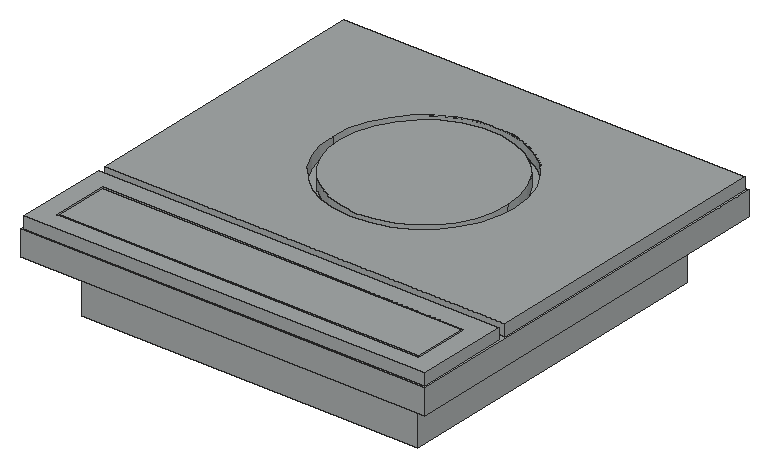
Revit family "Gira_5531926", category Electrical Fixtures, host Face, Revit 2017
Family settings
  Host = Face
  Maintain Annotation Orientation = Yes
  Round Connector Dimension = Use Diameter
  Part Type = Normal
  Cut with Voids When Loaded = No
  Shared = No
  Room Calculation Point = No
Parameters (values of type "Call-btn mod.1-g System 106 alum.")
  Width = "0.1065"
  URL = "http://katalog.gira.de/en/datenblatt.html?artikelnr=5531926"
  Number of bell buttons = "1"
  Name = "Call-btn mod.1-g System 106 alum."
  Model = "Sys106_Abdeckung_Schalten und Tasten"
  Manufacturer URL = "https://www.gira.de/"
  Manufacturer = "Gira"
  Installation technique = "Bus system"
  HeinzeBIM = "https://bimportal.heinze.de/bim/call-btn-mod-1-g-system-106-alum-/0389be06c95a978d106ee15528fb6dc483ad1213"
  Height = "0.1065"
  HAN = "5531926"
  GTIN = "4010337022619"
  Edelstahl [instance] = Edelstahl
  Description = "C.btn mod.1g S106 AL,System 106 call-button module,1-gang,Aluminium,The Gira System 106 is an installation system made of metal in a puristic and elegant frameless design, based on basic measurements of 106.5 × 106.5 mm. With the modular door intercom in Gira System 106, hospitality begins even before you reach the front door. All the functions are presented in a harmonious overall appearance, from the call button module, intercom module, and camera module, up to the info and blank module. In the dark, backlit call buttons with inscription space ensure good legibility and an attractive appearance.,,Individually adaptable modular system, The System 106 can be used in family homes or apartment buildings, as well as in office buildings, industrial properties, and hotels. The modular design enables the system's size, design, and functionality to be individually adapted to the respective requirements. Expansions and changes are possible at any time by easily exchanging the modules.,With this system, it is also possible to exchange the fronts only. This means that the appearance of the system can be changed from e.g. traffic white to a stainless steel surface at a later stage, without having to exchange the electronic units.,,High-quality materials,The modules are frameless with design fronts made of genuine materials, available in two brushed stainless steel versions (V2A and V4A), anodised aluminium C-0, and a metal alloy lacquered in traffic white (RAL 9016): all robust materials which ensure durability. The camera and DIN 18040 display module feature a black glass cover.,,Easy and phased installation,The system can be installed in phases, in parallel to the progress of building work. In this way, it is possible to initially install only the lower part of a surface-mounted housing during construction of the shell; cables and modules can then be added when they are needed.,,Individual inscription options,Call button modules and info modules can be labelled individually via the Gira inscription service.,,Features:,- Easy-to-use, vandal-proof, and scratch-resistant call buttons.,- Function changes, e.g. from 2-gang to 4-gang, can be easily realised by replacing the buttons.,- Various inscription options possible.,,Notes :,- Professional labelling with the Gira Inscription Service www.marking.gira.com."
  Default Elevation = 1219.2 mm
  Data sheet (1) = "https://katalog.gira.de/en/download.html?artikelnr=5531926"
  Colour = "Silver"
  Category = "Functional module for door communication"
  BIM (1) = "https://media.stage.bim.site/public/gira/36a6b08/Sys106_Abdeckung_Schalten und Tasten.rfa?public/gira/36a6b08/Sys106_Abdeckung_Schalten und Tasten.rfa"
  Available = "No"
Reference planes
  plane 1 "Center (Front/Back)": y = 0
  plane 2 "Reference Level 0": z = 0
  plane 3 "Center (Left/Right)": x = 0
  plane 4 "Reference Level 1": z = 9.5
Forms (mm)
  Extrusion 1, solid, material "Edelstahl" <- "Edelstahl", detail levels coarse
    sketch origin (0, 0, 0) x (1, 0, 0) y (0, 1, 0)
      loop
        line (-53, 53) -> (-53, -53) -> (53, -53) -> (53, 53) -> (-53, 53)
    from -14.7 to 9.5
  Extrusion 2, solid, material "Edelstahl" <- "Edelstahl", detail levels fine
    sketch origin (0, 0, 0) x (1, 0, 0) y (0, 1, 0)
      loop
        line (52.5, -28) -> (-52.5, -28) -> (-52.5, -52.5) -> (52.5, -52.5) -> (52.5, -28)
      loop
        line (-47.5, -48) -> (47.5, -48) -> (47.5, -33) -> (-47.5, -33) -> (-47.5, -48)
    from 6.5 to 9.5
  Extrusion 3, solid, material "Edelstahl" <- "Edelstahl", detail levels fine
    sketch origin (0, 0, 0) x (1, 0, 0) y (0, 1, 0)
      loop
        line (-52.5, 52.5) -> (-52.5, -26) -> (52.5, -26) -> (52.5, 52.5) -> (-52.5, 52.5)
      loop
        circle (0, 13) r 24
    from 6.5 to 9.5
  Extrusion 4, solid, material "Edelstahl" <- "Edelstahl", detail levels medium+fine
    sketch origin (0, 0, 0) x (1, 0, 0) y (0, 1, 0)
      loop
        line (-53, 53) -> (-53, -53) -> (53, -53) -> (53, 53) -> (-53, 53)
    from 0 to 6.5
  Extrusion 5, solid, material "Edelstahl" <- "Edelstahl", detail levels fine
    sketch origin (0, 0, 0) x (1, 0, 0) y (0, 1, 0)
      loop
        line (-44, 44) -> (-44, -44) -> (44, -44) -> (44, 44) -> (-44, 44)
    from -14.7 to 0
  Extrusion 6, solid, material "Edelstahl" <- "Edelstahl", detail levels fine
    sketch origin (0, 0, 0) x (1, 0, 0) y (0, 1, 0)
      loop
        circle (0, 13) r 22
    from 6.5 to 9.5
  Extrusion 7, solid, material "Edelstahl" <- "Edelstahl", detail levels fine
    sketch origin (0, 0, 0) x (1, 0, 0) y (0, 1, 0)
      loop
        line (-47, -33.5) -> (-47, -47.5) -> (47, -47.5) -> (47, -33.5) -> (-47, -33.5)
    from 6.5 to 9.5
  Extrusion 8, solid, material "Edelstahl" <- "Edelstahl", detail levels medium
    sketch origin (0, 0, 0) x (1, 0, 0) y (0, 1, 0)
      loop
        line (-52.5, 52.5) -> (-52.5, -26) -> (52.5, -26) -> (52.5, 52.5) -> (-52.5, 52.5)
      loop
        line (-52.5, -28) -> (-52.5, -52.5) -> (52.5, -52.5) -> (52.5, -28) -> (-52.5, -28)
    from 6.5 to 9.5
  Extrusion 9, solid, material "Edelstahl" <- "Edelstahl", detail levels medium
    sketch origin (0, 0, 0) x (1, 0, 0) y (0, 1, 0)
      loop
        circle (0, 13) r 24
      loop
        line (-47.5, -33) -> (-47.5, -48) -> (47.5, -48) -> (47.5, -33) -> (-47.5, -33)
    from 6.5 to 9.5
Dimensions and locks
  aligned and locked: plane 2 "Reference Level 0" to host face
  aligned and locked: level to host face
  aligned and locked: Extrusion 4 to host face
  aligned and locked: Extrusion 4 to level
  aligned and locked: level to Extrusion 5
  aligned and locked: level to Extrusion 4
  aligned and locked: Extrusion 4 to plane 2 "Reference Level 0"
  aligned and locked: plane 2 "Reference Level 0" to Extrusion 5
  aligned and locked: plane 3 "Center (Left/Right)" to nested 1
  aligned and locked: plane 1 "Center (Front/Back)" to nested 1
Nested families
  nested 1: "Schalter" at (0, 0, 0), type "Schalter"
Connectors
  electrical at (0, 0, -14.7)
    settings: on Extrusion 5, index 1, voltage 220 V, apparent load 0 VA, apparent load phase1 0 VA, apparent load phase2 0 VA, apparent load phase3 0 VA, power factor 1, load classification "Other", number of poles 1, system type 30, power factor state 1, is connector primary yes, connector utility no, sub classification motor no, connector description ""
Definition of nested family "Schalter"
  Reference planes
    plane 1: y = 0
    plane 2: x = 0
  Lines and regions (mm)
    detail lines
      curve 1: circle (1.375, 2.778, 0) r 0.8 normal (0, 0, 1)
      curve 2: line (1.021, 2.061, 0) -> (0, 0, 0)
      curve 3: line (0, 0, 0) -> (-0.538, 0.266, 0)
  Dimensions and locks
    curve 2 to curve 2 = 2.3 mm
    curve 3 to curve 2 = 0.6 mm
    radius of curve 1 = 0.8 mm
